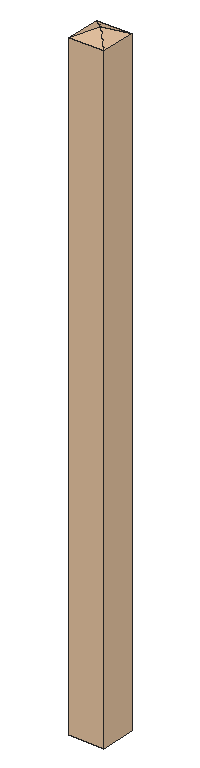
Revit family
Parameters (values of type "100mm Post")
  built-in parameter 1008623 [instance] = (empty or 0)
  built-in parameter 1008625 [instance] = (empty or 0)
  Width = 100 mm
  Material Post = Wood - Cherry
  Post = yes
  Manufacturer = ""
  Description = ""
  built-in parameter 1008624 [instance] = (empty or 0)
  built-in parameter 1008622 [instance] = 1800 mm
  Assembly Code = ""
Types (2, lengths in mm): name | Width
  100mm Post | 100
  150mm Post | 150
Reference planes
  plane 1 "Center (Front/Back)": y = 0
  plane 2: z = 0
  plane 3 "Center (Left/Right)": x = 0
  plane 4 "Top of Post": z = 1800
  plane 5: x = -50
  plane 6: x = 50
  plane 7: y = -50
  plane 8: y = 50
Forms (mm)
  Extrusion 1, solid, material "Wood - Cherry" <- "Material Post"
    sketch origin (0, 0, 0) x (1, 0, 0) y (0, 1, 0)
      loop
        line (-50, -50) -> (50, -50) -> (50, 50) -> (-50, 50) -> (-50, -50)
    from 0 to 1800
  Extrusion 2, void
    sketch origin (0, 0, 0) x (-1, 0, 0) y (0, 0, 1)
      loop
        line (0, 1800) -> (50, 1777.85) -> (50, 1818.355) -> (-50, 1818.355) -> (-50, 1777.85) -> (0, 1800)
    from -50 to 50
  Extrusion 3, void
    sketch origin (0, 0, 0) x (0, 1, 0) y (0, 0, 1)
      loop
        line (0, 1800) -> (50, 1777.85) -> (50, 1818.355) -> (-50, 1818.355) -> (-50, 1777.85) -> (0, 1800)
    from -50 to 50
Cuts and joins
  Extrusion 2, Extrusion 3 cuts Extrusion 1
Dimensions and locks
  "Width": plane 5 to plane 6
  "Width": plane 7 to plane 8
  equal spacing: plane 7, plane 1 "Center (Front/Back)", plane 8
  equal spacing: plane 5, plane 3 "Center (Left/Right)", plane 6
  "built-in parameter 1008622": plane 4 "Top of Post" to level
  locked: Extrusion 2 sketch curve to plane 4 "Top of Post" at 18.355
  locked: plane 4 "Top of Post" to Extrusion 3 sketch curve at 18.355
  aligned and locked: Extrusion 1 to plane 4 "Top of Post"
  aligned and locked: Extrusion 2 sketch curve to cut or joined group of Extrusion 1, Extrusion 2, Extrusion 3  (x2)
  aligned and locked: Extrusion 1 to Extrusion 2
  aligned and locked: Extrusion 2 to cut or joined group of Extrusion 1, Extrusion 2, Extrusion 3
  aligned and locked: Extrusion 3 sketch curve to cut or joined group of Extrusion 1, Extrusion 2, Extrusion 3  (x2)
  aligned and locked: Extrusion 1 to Extrusion 3
  aligned and locked: Extrusion 3 to cut or joined group of Extrusion 1, Extrusion 2, Extrusion 3
Automatic sketch dimensions
  Extrusion 1 sketch curve to plane 5 = 0 mm
  Extrusion 1 sketch curve to plane 6 = 0 mm
  Extrusion 1 sketch curve to plane 7 = 0 mm
  Extrusion 1 sketch curve to plane 8 = 0 mm
  Extrusion 2 sketch curve to plane 3 "Center (Left/Right)" = 0 mm
  Extrusion 2 sketch curve to plane 4 "Top of Post" = 0 mm
  plane 4 "Top of Post" to Extrusion 2 sketch curve = 22.15 mm  (x2)
  Extrusion 3 sketch curve to plane 1 "Center (Front/Back)" = 0 mm
  Extrusion 3 sketch curve to plane 4 "Top of Post" = 0 mm
  plane 4 "Top of Post" to Extrusion 3 sketch curve = 22.15 mm  (x2)
